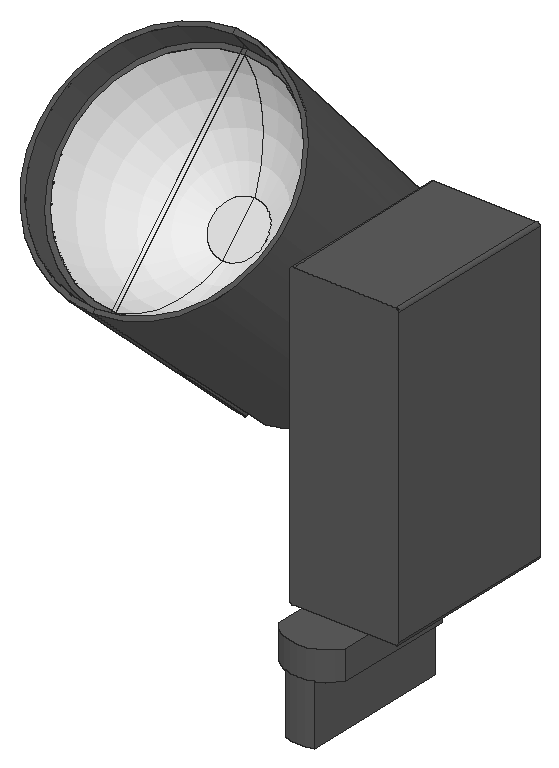
Revit family "0004953 Feilo Sylvania Lighting Fixture START TRACK SPOT L DALI 4897LM 940 MB BLK", category Lighting Fixtures, host Face, Revit 2017 (continued)
Definition of nested family "Start Track Spot Head"
  Types (96, lengths in mm): name | Wattage | built-in parameter 1150134 | Photometric Web File | Model | built-in parameter 1150105 | Lumens | built-in parameter 1150107 | built-in parameter 1150106 | HeadThickness_FEILO | HeadRibOffset_FEILO | HeadRibDepth_FEILO | HeadRibCutWidth_FEILO | HeadRibCutOffset_FEILO | HeadReflectorRadius_FEILO | HeadReflectorOffset_FEILO | HeadLEDRadius_FEILO | HeadHeight_FEILO | HeadDiffusorOffset_FEILO | HeadDiaOut_FEILO | HeadDiaIn_FEILO | HeadAxisFromTop_FEILO | Emit from Circle Diameter | built-in parameter 1150104 | Description | Apparent Load
    0004812 START TRACK SPOT S 14W 3K RA80 MB WHITE | 14 W | (empty or 0) | "0004812.ies" | "START TRACK SPOT S 14W 3K RA80 MB WHITE" | 120.32 (stored number, unit not read) | 1512 lm | 3000 (stored number, unit not read) | 1.2032 (stored number, unit not read) | 1.5 | 4.179 | 55.714 | 7.167 | 50.87 | 50.588 | 55.714 | 9.556 | 117 | 9.435 | 86 | 77.477 | 69.354 | 77.477 | 10.034 (stored number, unit not read) | "Integrated LED spotlight, Textured White - RAL9016, compact and minimalist design, ideal for retail applications, die-cast aluminium body, passive cooling heatsink. Beam angle: 36°, color temperature: 3000K , total system power: 14W, total fixture output: 1508 lm, LOR: 100%, colour rendering: Ra: 80 typical, LED Chromaticity: 3 step MacAdam ellipse, lifetime: >50000 hours at L70B50, energy class: A++, A+, A, IR/UV free light source without heat radiation, operating voltage: 220-240V / 50-60Hz, drive current: 350mA, electronic driver, non-dimmable, power factor: 0.92, electrical protection: Class II, Global Track 3 Phase adapter suitable for Global trac 3-circuit tracks, ingress protection rating: IP20, suitable for internal environment only, horizontal rotation: 355°, vertical tilt: 90°, dimensions: Ø86x140x200, weight: 0.940kg." | 14 VA
    0004811 START TRACK SPOT S 14W 3K RA80 NB WHITE | 14 W | (empty or 0) | "0004811.ies" | "START TRACK SPOT S 14W 3K RA80 NB WHITE" | 123.66 (stored number, unit not read) | 1554 lm | 3000 (stored number, unit not read) | 1.2366 (stored number, unit not read) | 1.5 | 4.179 | 55.714 | 7.167 | 50.87 | 50.588 | 55.714 | 9.556 | 117 | 9.435 | 86 | 77.477 | 69.354 | 77.477 | 10.312 (stored number, unit not read) | "Integrated LED spotlight, Textured White - RAL9016, compact and minimalist design, ideal for retail applications, die-cast aluminium body, passive cooling heatsink. Beam angle: 12°, color temperature: 3000K , total system power: 14W, total fixture output: 1551 lm, LOR: 100%, colour rendering: Ra: 80 typical, LED Chromaticity: 3 step MacAdam ellipse, lifetime: >50000 hours at L70B50, energy class: A++, A+, A, IR/UV free light source without heat radiation, operating voltage: 220-240V / 50-60Hz, drive current: 350mA, electronic driver, non-dimmable, power factor: 0.92, electrical protection: Class II, Global Track 3 Phase adapter suitable for Global trac 3-circuit tracks, ingress protection rating: IP20, suitable for internal environment only, horizontal rotation: 355°, vertical tilt: 90°, dimensions: Ø86x140x200, weight: 0.940kg." | 14 VA
  Reference planes
    plane 1 "Center (Front/Back)": y = 0
    plane 2: z = 0
    plane 3 "Center (Left/Right)": x = 0
    plane 4: x = 43
    plane 5: x = -43
    plane 6: x = -38.739
    plane 7: x = 38.739
    plane 8: z = 69.354
    plane 9: z = -47.646
    plane 10: x = -41.5
    plane 11: x = -37.239
    plane 12: z = -38.211
    plane 13: z = -35.211
    plane 14: z = 8.068
    plane 15: x = -9.556
    plane 16: x = -28.667
    plane 17: x = -19.111
    plane 18: x = -27.167
    plane 19: x = -17.611
    plane 20: x = -8.056
    plane 21: z = 13.64
    plane 22: x = -29.667
    plane 23: x = -26.167
    plane 24: x = -20.111
    plane 25: x = -16.611
    plane 26: x = -10.556
    plane 27: x = -7.056
    plane 28: x = -36.239
    plane 29: x = -40.5
    plane 30: z = 65.175
    plane 31: z = 60.997
    plane 32: z = 56.818
    plane 33: z = 18.484
    plane 34: y = -43
    plane 35: y = 43
    plane 36: y = 3.583
    plane 37: y = -3.583
    plane 38: y = -2.583
    plane 39: y = 2.583
    plane 40: y = 46
    plane 41: z = 13.5
    plane 42: z = -13.5
    plane 43: y = 39
    plane 44: x = 4.708
    plane 45: x = -2.458
    plane 46: x = -1.458
    plane 47: x = 1.458
  Forms (mm)
    Extrusion 1, solid
      sketch origin (4.2, 0, 0) x (1, 0, 0) y (0, 1, 0)
        loop
          line (-1219.2, 1219.2) -> (-1219.2, -1219.2) -> (1219.2, -1219.2) -> (1219.2, 1219.2) -> (-1219.2, 1219.2)
      from 0 to -68.017
    Revolve 2, solid, material <- "Material_1_FEILO", detail levels medium+fine
      sketch origin (0, 0, 0) x (1, 0, 0) y (0, 0, 1)
        loop
          line (-43, -47.646) -> (-41.5, -47.646) -> (-40.5, -35.211) -> (-38.739, -35.211)
          arc (-38.739, -35.211) -> (-30.16, -9.517) -> (-9.556, 8.068) r 50.588
          line (-9.556, 8.068) -> (0, 8.068) -> (0, 13.64) -> (-16.611, 13.64) -> (-17.611, 60.997) -> (-19.111, 60.997) -> (-20.111, 13.64) -> (-36.239, 13.64) -> (-37.239, 69.354) -> (-38.739, 69.354) -> (-43, -47.646)
        axis (0, 69.354) -> (0, -47.646)
      angle from 360 to 0
    Extrusion 3, void
      sketch origin (0, 0, 0) x (0, 1, 0) y (0, 0, 1)
        loop
          line (-3.583, 69.354) -> (-2.583, 18.484) -> (1.932, 18.484) -> (2.932, 69.354) -> (-3.583, 69.354)
      from 43 to -43
    Revolve 4, solid, material <- "Material_2_FEILO", detail levels medium+fine
      sketch origin (0, 0, 0) x (1, 0, 0) y (0, 0, 1)
        loop
          line (-41.5, -38.211) -> (0, -38.211) -> (0, -35.211) -> (-41.5, -35.211) -> (-41.5, -38.211)
        axis (0, -35.211) -> (0, -38.211)
      angle from 360 to 0
    Revolve 5, solid, material <- "Material_1_FEILO"
      sketch origin (0, 0, 0) x (0, 1, 0) y (0, 0, 1)
        loop
          line (46, 0) -> (39, 0) -> (39, -13.5) -> (46, -13.5) -> (46, 0)
        axis (39, 0) -> (46, 0)
      angle from 360 to 0
    Revolve 6, solid, material <- "Material_1_FEILO", detail levels medium+fine
      sketch origin (0, 0, 0) x (1, 0, 0) y (0, 0, 1)
        loop
          line (-29.667, 13.64) -> (-26.167, 13.64) -> (-27.167, 65.175) -> (-28.667, 65.175) -> (-29.667, 13.64)
        loop
          line (-10.556, 13.64) -> (-7.056, 13.64) -> (-7.833, 56.818) -> (-9.778, 56.818) -> (-10.556, 13.64)
        axis (0, 65.175) -> (0, 13.64)
      angle from 360 to 0
    Extrusion 7, void
      sketch origin (0, 0, 0) x (1, 0, 0) y (0, 0, 1)
        loop
          line (4.708, 69.354) -> (-2.458, 69.354) -> (-1.458, 13.64) -> (1.458, 13.64) -> (4.708, 69.354)
      from -43 to 43
    Revolve 8, solid, material <- "Material_1_FEILO", detail levels coarse
      sketch origin (0, 0, 0) x (1, 0, 0) y (0, 0, 1)
        loop
          line (0, 69.354) -> (-38.739, 69.354) -> (-43, -47.646) -> (-41.5, -47.646) -> (-40.731, -38.211) -> (0, -38.211) -> (0, 69.354)
        axis (0, 69.354) -> (0, -47.646)
      angle from 360 to 0
  Cuts and joins
    Extrusion 3 cuts Revolve 2
    Extrusion 7 cuts Revolve 6
  Dimensions and locks
    equal spacing: plane 7, plane 3 "Center (Left/Right)", plane 6
    equal spacing: plane 4, plane 3 "Center (Left/Right)", plane 5
    "HeadDiaOut_FEILO": plane 4 to plane 5
    "HeadDiaIn_FEILO": plane 7 to plane 6
    "HeadHeight_FEILO": plane 8 to plane 9
    "HeadThickness_FEILO": plane 10 to plane 5
    "HeadThickness_FEILO": plane 11 to plane 6
    "HeadDiffusorOffset_FEILO": plane 12 to plane 9
    "HeadDiffusorThickness_FEILO": plane 13 to plane 12
    "HeadReflectorOffset_FEILO": plane 14 to plane 9
    "HeadLEDRadius_FEILO": plane 3 "Center (Left/Right)" to plane 15
    "HeadLEDRadius_FEILO": plane 15 to plane 17
    "HeadLEDRadius_FEILO": plane 17 to plane 16
    "HeadThickness_FEILO": plane 18 to plane 16
    "HeadThickness_FEILO": plane 19 to plane 17
    "HeadThickness_FEILO": plane 20 to plane 15
    "HeadRibDepth_FEILO": plane 8 to plane 21
    "HeadDraft_FEILO": plane 16 to plane 22
    "HeadDraft_FEILO": plane 23 to plane 18
    "HeadDraft_FEILO": plane 17 to plane 24
    "HeadDraft_FEILO": plane 25 to plane 19
    "HeadDraft_FEILO": plane 15 to plane 26
    "HeadDraft_FEILO": plane 27 to plane 20
    "HeadDraft_FEILO": plane 29 to plane 10
    "HeadDraft_FEILO": plane 28 to plane 11
    "HeadRibOffset_FEILO": plane 8 to plane 30
    "HeadRibOffset_FEILO": plane 30 to plane 31
    "HeadRibOffset_FEILO": plane 31 to plane 32
    "HeadAxisFromTop_FEILO": plane 8 to plane 2
    "HeadRibCutOffset_FEILO": plane 8 to plane 33
    equal spacing: plane 34, plane 1 "Center (Front/Back)", plane 35
    "HeadDiaOut_FEILO": plane 34 to plane 35
    equal spacing: plane 38, plane 1 "Center (Front/Back)", plane 39
    equal spacing: plane 37, plane 1 "Center (Front/Back)", plane 36
    "HeadRibCutWidth_FEILO": plane 37 to plane 36
    "HeadDraft_FEILO": plane 37 to plane 38
    locked: plane 35 to plane 40 at 3
    equal spacing: plane 41, plane 2, plane 42
    locked: plane 42 to plane 41 at 27
    locked: plane 43 to plane 35 at 4
    equal spacing: plane 45, imposter light, plane 44
    "HeadDraft_FEILO": plane 46 to plane 45
    "HeadRibCutWidth_FEILO": plane 44 to plane 45
    equal spacing: plane 47, plane 3 "Center (Left/Right)", plane 46
    "HeadReflectorRadius_FEILO": radius of Revolve 2 sketch curve
    aligned and locked: plane 2 to Extrusion 1
    aligned and locked: level to Extrusion 1
    aligned and locked: Revolve 2 sketch curve to plane 3 "Center (Left/Right)"  (x2)
    aligned and locked: plane 9 to Revolve 2 sketch curve  (x2)
    aligned and locked: plane 5 to Revolve 2 sketch curve
    aligned and locked: plane 10 to Revolve 2 sketch curve
    aligned and locked: plane 14 to Revolve 2 sketch curve
    aligned and locked: plane 8 to Revolve 2 sketch curve
    aligned and locked: Revolve 2 sketch curve to plane 13
    aligned and locked: plane 12 to Revolve 4 sketch curve
    aligned and locked: plane 3 "Center (Left/Right)" to Revolve 4 sketch curve
    aligned and locked: Revolve 4 sketch curve to plane 10
    aligned and locked: Revolve 4 sketch curve to plane 3 "Center (Left/Right)"
    aligned and locked: plane 12 to imposter light
    aligned and locked: imposter light to plane 1 "Center (Front/Back)"
    aligned and locked: Revolve 5 sketch curve to plane 2
    aligned and locked: plane 43 to Revolve 5 sketch curve
    aligned and locked: plane 42 to Revolve 5 sketch curve
    aligned and locked: Revolve 6 sketch curve to plane 3 "Center (Left/Right)"
    aligned and locked: plane 22 to Revolve 6 sketch curve
    aligned and locked: plane 30 to Revolve 6 sketch curve
    aligned and locked: plane 23 to Revolve 6 sketch curve
    aligned and locked: Revolve 6 sketch curve to plane 21  (x2)
    aligned and locked: plane 21 to Revolve 6 sketch curve
    aligned and locked: plane 17 to Revolve 2 sketch curve
    aligned and locked: plane 19 to Revolve 2 sketch curve
    aligned and locked: plane 31 to Revolve 2 sketch curve
    aligned and locked: plane 21 to Revolve 2 sketch curve
    aligned and locked: Extrusion 3 to plane 8
    aligned and locked: plane 33 to Extrusion 3
    aligned and locked: plane 8 to Extrusion 3 sketch curve
    aligned and locked: Extrusion 3 sketch curve to plane 33
    aligned and locked: Extrusion 3 to plane 5
    aligned and locked: plane 4 to Extrusion 3
    aligned and locked: plane 32 to Revolve 6 sketch curve
    aligned and locked: plane 44 to Extrusion 7 sketch curve
    aligned and locked: Extrusion 7 sketch curve to plane 8
    aligned and locked: plane 46 to Extrusion 7 sketch curve
    aligned and locked: plane 21 to Extrusion 7 sketch curve
    aligned and locked: plane 34 to Extrusion 7
    aligned and locked: Extrusion 7 to plane 35
    aligned and locked: Revolve 4 sketch curve to plane 13
    aligned and locked: Revolve 5 sketch curve to plane 40
    aligned and locked: Revolve 8 sketch curve to plane 3 "Center (Left/Right)"
    aligned and locked: Revolve 8 sketch curve to cut or joined group of Revolve 2, Extrusion 3  (x3)
    aligned and locked: plane 5 to Revolve 8 sketch curve
    aligned and locked: plane 3 "Center (Left/Right)" to Revolve 8 sketch curve
    aligned and locked: plane 12 to Revolve 8 sketch curve
  Automatic sketch dimensions
    Extrusion 1 sketch curve to Extrusion 1 sketch curve = 2438.4 mm  (x2)
    Extrusion 3 sketch curve to plane 37 = 0 mm
    Extrusion 3 sketch curve to plane 38 = 0 mm
    plane 39 to Extrusion 3 sketch curve = 0.651 mm
    Extrusion 3 sketch curve to plane 39 = 0.349 mm
    Revolve 6 sketch curve to plane 16 = 0 mm
    Revolve 6 sketch curve to plane 18 = 0 mm
    Revolve 6 sketch curve to plane 26 = 0 mm
    Revolve 6 sketch curve to plane 27 = 0 mm
    Revolve 6 sketch curve to plane 15 = 0.222 mm
    plane 9 to Revolve 6 sketch curve = 559.103 mm
    Revolve 6 sketch curve to plane 8 = 2535.555 mm
    plane 20 to Revolve 6 sketch curve = 0.222 mm
    Revolve 2 sketch curve to plane 29 = 0 mm
    Revolve 2 sketch curve to plane 6 = 0 mm  (x2)
    Revolve 2 sketch curve to plane 11 = 0 mm
    Revolve 2 sketch curve to plane 21 = 0 mm
    Revolve 2 sketch curve to plane 28 = 0 mm
    Revolve 2 sketch curve to plane 24 = 0 mm
    Revolve 2 sketch curve to plane 25 = 0 mm
    Revolve 2 sketch curve to plane 15 = 0 mm
    Revolve 2 sketch curve to Revolve 2 sketch curve = 557.155 mm
    Revolve 2 sketch curve to plane 8 = 2535.558 mm
    Extrusion 7 sketch curve to plane 45 = 0 mm
    Extrusion 7 sketch curve to plane 47 = 0 mm
    plane 9 to Revolve 4 sketch curve = 559.103 mm
    Revolve 4 sketch curve to plane 8 = 2535.555 mm
    Revolve 5 sketch curve to level = 0 mm
    plane 34 to Revolve 5 sketch curve = 1968.092 mm
    Revolve 5 sketch curve to plane 40 = 1405.763 mm
    Revolve 8 sketch curve to plane 6 = 0 mm
    Revolve 8 sketch curve to plane 29 = 0.231 mm
    plane 9 to Revolve 8 sketch curve = 559.103 mm
    Revolve 8 sketch curve to Revolve 8 sketch curve = 2535.555 mm
Definition of nested family "Start Track Spot Box"
  Parameters (values of type "Type Large White")
    URL = "http://www.feilosylvania.com"
    Type Image = (empty or 0)
    Type Comments = "n/a"
    Small_FEILO = no
    Material_3_FEILO = none
    Model = ""
    Manufacturer = "Feilo Sylvania"
    Keynote = ""
    Material_2_FEILO = none
    Description = ""
    Default Elevation = 1219.2 mm
    Cost = 0
    Material_1_FEILO = none
    BoxWidth_FEILO = 49 mm
    BoxStartAngle_FEILO [instance] = 0.00°
    BoxRadius_FEILO = 1.5 mm
    BoxHeight_FEILO = if(Small_FEILO, 112 mm, 136 mm)  # 136 mm
    BoxEndAngle_FEILO [instance] = BoxStartAngle_FEILO - 180.00°  # -180.00°
    BoxDepth_FEILO = if(Small_FEILO, 71.5 mm, 79 mm)  # 79 mm
    BoxAxisVerticalOffset_FEILO = 16 mm
    BoxAxisOffset_FEILO = BoxHeight_FEILO / 6.8  # 20 mm
    Assembly Code = ""
    Material_4_FEILO = none
  Types (4, lengths in mm): name | Small_FEILO | BoxHeight_FEILO | BoxDepth_FEILO | BoxAxisOffset_FEILO
    Type Large White | no | 136 | 79 | 20
    Type Small White | yes | 112 | 71.5 | 16.471
    Type Small Black | yes | 112 | 71.5 | 16.471
    Type Large Black | no | 136 | 79 | 20
  Reference planes
    plane 1 "Center (Front/Back)": y = 0
    plane 2: z = 0
    plane 3 "Center (Left/Right)": x = 0
    plane 4: x = 24.5
    plane 5: x = -24.5
    plane 6: y = 68
    plane 7: y = -68
    plane 8: z = 39.5
    plane 9: z = -39.5
    plane 10: y = -48
    plane 11: x = 30.5
    plane 12: x = 8.5
    plane 13: x = 21.5
    plane 14: y = 70
    plane 15: y = 72
    plane 16: x = 19.5
  Forms (mm)
    Extrusion 1, solid
      sketch origin (4.2, 0, 0) x (1, 0, 0) y (0, 1, 0)
        loop
          line (-1219.2, 1219.2) -> (-1219.2, -1219.2) -> (1219.2, -1219.2) -> (1219.2, 1219.2) -> (-1219.2, 1219.2)
      from 0 to -68.017
    Extrusion 2, solid, material <- "Material_1_FEILO"
      sketch origin (0, 0, 0) x (1, 0, 0) y (0, 1, 0)
        loop
          arc (-23, 68) -> (-24.061, 67.561) -> (-24.5, 66.5) r 1.5
          line (-24.5, 66.5) -> (-24.5, -66.5)
          arc (-24.5, -66.5) -> (-24.061, -67.561) -> (-23, -68) r 1.5
          line (-23, -68) -> (23, -68)
          arc (23, -68) -> (24.061, -67.561) -> (24.5, -66.5) r 1.5
          line (24.5, -66.5) -> (24.5, 66.5)
          arc (24.5, 66.5) -> (24.061, 67.561) -> (23, 68) r 1.5
          line (23, 68) -> (-23, 68)
      from -39.5 to 39.5
    Revolve 3, solid, not visible
      sketch origin (0, 0, 0) x (1, 0, 0) y (0, 1, 0)
        loop
          line (30.5, -48) -> (24.5, -48) -> (24.5, -68) -> (30.5, -68) -> (30.5, -48)
        axis (30.5, -48) -> (24.5, -48)
      angle from 0 <- "BoxStartAngle_FEILO" to -180 <- "BoxEndAngle_FEILO"
    Revolve 4, solid, material <- "Material_2_FEILO"
      sketch origin (0, 0, 0) x (1, 0, 0) y (0, 1, 0)
        loop
          line (8.5, 68) -> (19.5, 68) -> (19.5, 70) -> (21.5, 70) -> (21.5, 72) -> (8.5, 72) -> (8.5, 68)
        axis (8.5, 72) -> (8.5, 68)
      angle from 360 to 0
  Dimensions and locks
    equal spacing: plane 5, plane 3 "Center (Left/Right)", plane 4
    "BoxWidth_FEILO": plane 5 to plane 4
    equal spacing: plane 7, plane 1 "Center (Front/Back)", plane 6
    "BoxHeight_FEILO": plane 7 to plane 6
    equal spacing: plane 8, plane 2, plane 9
    "BoxDepth_FEILO": plane 8 to plane 9
    "BoxAxisOffset_FEILO": plane 7 to plane 10
    locked: plane 4 to plane 11 at 6
    "BoxAxisVerticalOffset_FEILO": plane 12 to plane 4
    locked: plane 12 to plane 13 at 13
    plane 6 to plane 14 to plane 15 = 2 mm locked, 2 mm locked
    locked: plane 12 to plane 16 at 11
    "BoxRadius_FEILO": radius of Extrusion 2 sketch curve  (x4)
    aligned and locked: plane 2 to Extrusion 1
    aligned and locked: level to Extrusion 1
    aligned and locked: plane 6 to Extrusion 2 sketch curve
    aligned and locked: plane 5 to Extrusion 2 sketch curve
    aligned and locked: Extrusion 2 sketch curve to plane 7
    aligned and locked: Extrusion 2 sketch curve to plane 4
    aligned and locked: Extrusion 2 to plane 8
    aligned and locked: plane 9 to Extrusion 2
    aligned and locked: Revolve 3 sketch curve to plane 10  (x2)
    aligned and locked: plane 11 to Revolve 3 sketch curve
    aligned and locked: Revolve 3 sketch curve to plane 4
    aligned and locked: plane 7 to Revolve 3 sketch curve
    aligned and locked: Revolve 4 sketch curve to plane 12
    aligned and locked: plane 6 to Revolve 4 sketch curve
    aligned and locked: plane 12 to Revolve 4 sketch curve
    aligned and locked: plane 15 to Revolve 4 sketch curve
    aligned and locked: Revolve 4 sketch curve to plane 13
    aligned and locked: Revolve 4 sketch curve to plane 14
    aligned and locked: Revolve 4 sketch curve to plane 16
    aligned and locked: Revolve 4 sketch curve to plane 6
  Automatic sketch dimensions
    Extrusion 1 sketch curve to Extrusion 1 sketch curve = 2438.4 mm  (x2)
    Revolve 3 sketch curve to plane 5 = 1499.5 mm
    plane 11 to Revolve 3 sketch curve = 1493.5 mm
    plane 15 to Revolve 4 sketch curve = 0 mm
    plane 7 to Revolve 4 sketch curve = 1456 mm
    Revolve 4 sketch curve to plane 15 = 1452 mm
